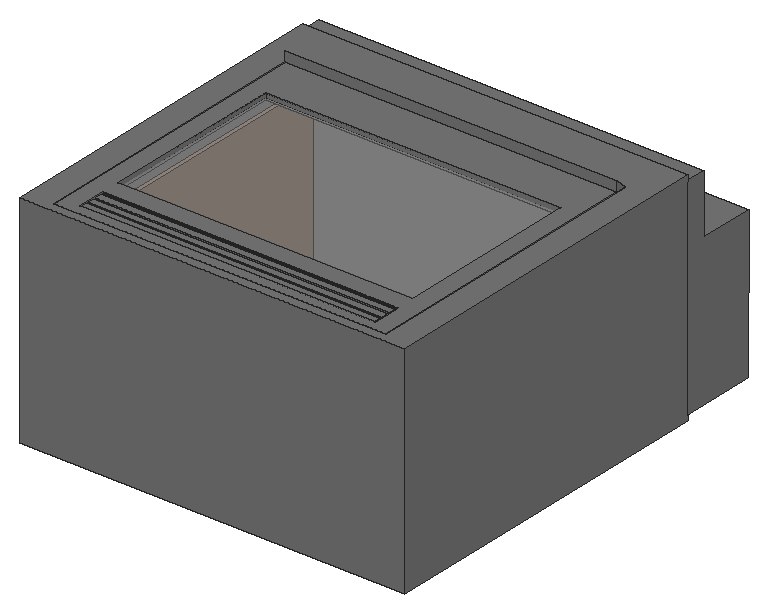
Revit family "Fireplace_Gas_HeatNGlo_Twilight", category Mechanical Equipment, host Face, Revit 2015
Parameters (values of type "36x22 Viewing Area LP Modern")
  gasrad [instance] = Gas Connection Diameter / 2  # 0' - 0 1/4"
  Water Penetration = "No Penetration at 8 and 25 psf"
  Warranty Duration (Years) = 0
  Unit Width = 3' - 6"
  Unit Weight = 0
  Unit Height = 3' - 2 5/8"
  Unit Depth = 2' - 0"
  URL = "http://www.heatnglo.com/"
  Test Data = ""
  Structural Test Pressure = "No Damage at 75 psf"
  Standards Conformance = "cULus"
  Specification = "http://www.arcat.com/sdspecs/htm04/10_31_07hng.htm"
  SpecWizard = ""
  Sound Transmission Class (STC) = 27
  Send Message = "http://www.arcat.com/users.pl?action=UserEmail&amp;company=Heat+and+Glo<sup><small></small></sup>&amp;coid=33011&amp;rep=144&amp;fax=&amp;mf=95"
  Screen [instance] = TwilightFace : Basic
  Sales Information = "http://www.heatnglo.com/Contact-Us.aspx"
  Revision = "R2_2014-09"
  Recess Into Host [instance] = 2' - 0"
  Rear Wall Finish [instance] = Masonry - HeatNGlo - Brick as Specified
  R-Value = 0
  Product Properties = ""
  Product Data = "http://www.arcat.com/arcatcos/cos33/arc33011.html"
  Opening Width = 3' - 0 1/4"
  Opening Height = 1' - 9 1/2"
  Mounting Height [instance] = 1' - 10.76867"
  Model = "TwilightLP-II-MOD"
  Media Material [instance] = Surface - HeatNGlo - Media as Specified
  Manufacturer Website = "http://www.heatnglo.com/"
  Manufacturer Phone - Toll Free = "800-669-HEAT (4328)"
  Manufacturer Phone = ""
  Manufacturer Fax = ""
  Manufacturer Address = "7571 215th St. W.  Lakeville, MN 55044"
  Manufacturer = "Heat & Glo"
  Maintenance Schedule (Months) = 0
  Keynote = "10305"
  Installation-Fabrication = ""
  Installation Phase = ""
  Heating Capacity = "as Specified"
  HVAC_BTU Output = 0.0 Btu/h
  HVAC_BTU Input = 36000.0 Btu/h
  Green Building-LEED = ""
  Glazing Tint [instance] = Glazing - HeatNGlo - Clear
  Gas Connection Diameter [instance] = 1/2"
  Fuel Type = "LP"
  Fuel Consumption = "as Specified"
  Fixture Finish = Metal - HeatNGlo - Metallic Black
  Expected Lifespan (Years) = 0
  Electrical_Voltage = 120 V
  Efficiency Ratings = "as Specified"
  Drawn By = "Sumex Design, Inc. / Robert S. Weygant, CSI, CDT, SCIP"
  Door Finish [instance] = Metal - HeatNGlo - Metallic Black
  Description = "Heat & Glo Gas Burning Fireplace - Twilight Modern See-Thru as Specified"
  Default Elevation = 0' - 0"
  Copyright = "©Arcat Inc."
  Construction Details = "http://www.arcat.com/details/heatnglo/heatnglo.html?coid=33011"
  Building Codes = ""
  Assembly Code = "D3020"
  Air Infiltration = "0.07 cfm/ft^2"
Types (4): name | Model | HVAC_BTU Input | Fuel Type | Description
  36x22 Viewing Area LP Modern | "TwilightLP-II-MOD" | 36000.0 Btu/h | "LP" | "Heat & Glo Gas Burning Fireplace - Twilight Modern See-Thru as Specified"
  36x22 Viewing Area NG Modern | "Twilight-II-MOD" | 38000.0 Btu/h | "NG" | "Heat & Glo Gas Burning Fireplace - Twilight Modern See-Thru as Specified"
  36x22 Viewing Area LP | "TwilightLP-II" | 36000.0 Btu/h | "LP" | "Heat & Glo Gas Burning Fireplace - Twilight II See-Thru as Specified"
  36x22 Viewing Area NG | "Twilight-II" | 38000.0 Btu/h | "NG" | "Heat & Glo Gas Burning Fireplace - Twilight II See-Thru as Specified"
Reference planes (in)
  plane 1 "Opening CL": y = 0
  plane 2: z = 0
  plane 3 "Center (Left/Right)": x = 0
  plane 4: z = -24
  plane 5 "Front": z = 0
  plane 6 "FF": y = -41.20617
  plane 7: y = -18.4375
  plane 8: y = -17.4375
  plane 9: x = -21
  plane 10: x = 21
  plane 11: y = 20.1875
Forms (in)
  Extrusion 1, void
    sketch origin (0, 0, 0) x (1, 0, 0) y (0, 1, 0)
      loop
        line (21, 20.1875) -> (-21, 20.1875) -> (-21, -18.4375) -> (21, -18.4375) -> (21, 20.1875)
    from -24 to 5.63952
  Extrusion 2, solid
    sketch origin (-21, -180, 14.07791) x (0, 0, 1) y (0, -1, 0)
      loop
        circle (-18.57791, -163.0625) r 0.25
    from 0 to 1.43085
  Extrusion 3, solid, material "Metal - HeatNGlo - Metallic Black" <- "Fixture Finish"
    sketch origin (0, 0, 0) x (1, 0, 0) y (0, 1, 0)
      loop
        line (18.125, -17.4375) -> (18.125, 15.1875) -> (-18.125, 15.1875) -> (-18.125, -17.4375) -> (18.125, -17.4375)
      loop
        line (-21, -18.4375) -> (21, -18.4375) -> (21, 20.1875) -> (-21, 20.1875) -> (-21, -18.4375)
    from -24 to 0
  Extrusion 4, solid, material "Metal - HeatNGlo - Metallic Black" <- "Fixture Finish"
    sketch origin (-21.8749, -17.4375, 48) x (-1, 0, 0) y (0, 0, 1)
      loop
        line (-39.8749, -49.25) -> (-39.8749, -70.75) -> (-3.8749, -70.75) -> (-3.8749, -49.25) -> (-39.8749, -49.25)
    from 0 to 5
  Extrusion 5, solid, material "Masonry - HeatNGlo - Brick as Specified" <- "Rear Wall Finish"
    sketch origin (-21.8749, -17.4375, 48) x (-1, 0, 0) y (0, 0, 1)
      loop
        line (-5.3749, -50) -> (-5.8749, -50) -> (-5.8749, -70) -> (-5.3749, -70) -> (-5.3749, -71.25) -> (-3.8749, -71.25) -> (-3.8749, -48.75) -> (-5.3749, -48.75) -> (-5.3749, -50)
      loop
        line (-38.3749, -50) -> (-38.3749, -48.75) -> (-39.8749, -48.75) -> (-39.8749, -71.25) -> (-38.3749, -71.25) -> (-38.3749, -70) -> (-37.8749, -70) -> (-37.8749, -50) -> (-38.3749, -50)
    from 5 to 37.625
  Extrusion 6, solid, material "Metal - HeatNGlo - Metallic Black" <- "Fixture Finish"
    sketch origin (0, -16.31553, -24) x (0, -1, 0) y (1, 0, 0)
      loop
        line (-31.50303, -18.125) -> (-28.39071, -18.125) -> (-28.39071, 18) -> (-31.50303, 18) -> (-31.50303, -18.125)
    from 0.15315 to 1.82132
  Extrusion 7, solid, material "Metal - HeatNGlo - Metallic Black" <- "Fixture Finish"
    sketch origin (0, -16.31553, -24) x (0, -1, 0) y (1, 0, 0)
      loop
        line (-28.39071, -18.125) -> (-4.25303, -18.125) -> (-4.25303, 18) -> (-28.39071, 18) -> (-28.39071, -18.125)
      loop
        line (-27.59019, -16.8015) -> (-4.96519, -16.8015) -> (-4.96519, 16.761) -> (-27.59019, 16.761) -> (-27.59019, -16.8015)
    from 0.52556 to 1.3826
  Extrusion 8, solid, material "Metal - HeatNGlo - Metallic Black" <- "Fixture Finish"
    sketch origin (0, -16.31553, -24) x (0, -1, 0) y (1, 0, 0)
      loop
        line (1.12197, -18.125) -> (1.12197, 18) -> (-4.59019, 18) -> (-4.59019, -18.125) -> (1.12197, -18.125)
    from 0.11222 to 1.82132
  Extrusion 9, solid, material "Glazing - HeatNGlo - Clear" <- "Glazing Tint"
    sketch origin (0, -16.31553, -24) x (0, -1, 0) y (1, 0, 0)
      loop
        line (-27.59019, -16.8015) -> (-4.96519, -16.8015) -> (-4.96519, 16.761) -> (-27.59019, 16.761) -> (-27.59019, -16.8015)
    from 0.91449 to 1.15156
  Extrusion 10, solid, material "Metal - HeatNGlo - Metallic Black" <- "Fixture Finish"
    sketch origin (0, 0, 0) x (0, 1, 0) y (0, 0, 1)
      loop
        line (15.1875, -23.84685) -> (14.98271, -23.84685) -> (14.98271, -24.64339) -> (14.57314, -24.93018) -> (14.57314, -25.18018) -> (15.1875, -24.75) -> (15.1875, -23.84685)
    from -18.125 to 18.125
  Extrusion 11, solid, material "Metal - HeatNGlo - Metallic Black" <- "Fixture Finish"
    sketch origin (0, 0, 0) x (0, 1, 0) y (0, 0, 1)
      loop
        line (20.1875, -23.5) -> (28.4375, -23.5) -> (28.4375, -7) -> (22.3125, -7) -> (22.3125, -0.5) -> (20.1875, -0.5) -> (20.1875, -23.5)
    from -21 to 21
Dimensions and locks (in)
  "Recess Into Host": level to plane 4
  "Unit Depth": plane 5 "Front" to plane 4
  "Mounting Height": plane 7 to plane 6 "FF"
  locked: plane 7 to plane 8 at 1
  equal spacing: plane 9, plane 3 "Center (Left/Right)", plane 10
  "Unit Width": plane 9 to plane 10
  "Unit Height": plane 7 to plane 11
  locked: plane 5 "Front" to Extrusion 2 sketch curve at 4.5
  locked: plane 7 to Extrusion 2 sketch curve at 1.5
  locked: Extrusion 3 sketch curve to plane 10 at 2.875
  locked: plane 9 to Extrusion 3 sketch curve at 2.875
  Extrusion 5 sketch curve to Extrusion 5 sketch curve to Extrusion 5 sketch curve to plane 9 = 0' - 0 1/2" locked, 0' - 1 1/2" locked, 0' - 3" locked
  plane 10 to Extrusion 5 sketch curve to Extrusion 5 sketch curve to Extrusion 5 sketch curve = 0' - 3" locked, 0' - 1 1/2" locked, 0' - 0 1/2" locked
  plane 5 "Front" to Extrusion 5 sketch curve to Extrusion 5 sketch curve = 0' - 0 3/4" locked, 0' - 1 1/4" locked  (x2)
  Extrusion 5 sketch curve to Extrusion 5 sketch curve to plane 4 = 0' - 1 1/4" locked, 0' - 0 3/4" locked  (x2)
  locked: Extrusion 4 sketch curve to plane 9 at 3
  locked: plane 10 to Extrusion 4 sketch curve at 3
  locked: Extrusion 3 sketch curve to plane 11 at 5
  locked: plane 5 "Front" to Extrusion 4 sketch curve at 1.25
  locked: Extrusion 4 sketch curve to plane 4 at 1.25
  Extrusion 10 sketch curve to plane 4 to Extrusion 10 sketch curve to Extrusion 10 sketch curve to Extrusion 10 sketch curve to Extrusion 10 sketch curve = 0' - 0.15315" locked, 0' - 0.64339" locked, 0' - 0.10661" locked, 0' - 0.18018" locked, 0' - 0 1/4" locked
  plane 11 to Extrusion 11 sketch curve to Extrusion 11 sketch curve = 0' - 2 1/8" locked, 0' - 6 1/8" locked
  "gasrad": radius of Extrusion 2 sketch curve
  aligned and locked: plane 2 to host face
  aligned and locked: level to host face
  aligned: Extrusion 1 to plane 5 "Front"
  aligned and locked: Extrusion 1 to plane 4
  aligned and locked: Extrusion 1 sketch curve to plane 7
  aligned and locked: plane 10 to Extrusion 1 sketch curve
  aligned and locked: Extrusion 1 sketch curve to plane 9
  aligned and locked: Extrusion 1 sketch curve to plane 11
  aligned and locked: Extrusion 3 to plane 4
  aligned and locked: Extrusion 3 to plane 5 "Front"
  aligned and locked: nested 1 to plane 7
  aligned and locked: Extrusion 3 sketch curve to plane 10
  aligned: plane 3 "Center (Left/Right)" to nested 1
  aligned and locked: plane 3 "Center (Left/Right)" to nested 1
  aligned and locked: Extrusion 5 sketch curve to Extrusion 5 sketch curve  (x2)
  aligned and locked: Extrusion 3 sketch curve to plane 8
  aligned and locked: Extrusion 3 sketch curve to plane 7
  aligned and locked: Extrusion 5 to plane 11
  aligned and locked: Extrusion 11 sketch curve to plane 11
  aligned and locked: plane 10 to Extrusion 11
  aligned and locked: Extrusion 11 to plane 9
Automatic sketch dimensions
  host sketch curve to host sketch curve = 7' - 2.84928"
  host sketch curve to host sketch curve = 10' - 4 9/16"
  Extrusion 3 sketch curve to plane 9 = 0' - 0"
  plane 11 to Extrusion 3 sketch curve = 0' - 0"
  plane 11 to Extrusion 6 sketch curve = 0' - 5"
  Extrusion 6 sketch curve to Extrusion 6 sketch curve = 0' - 3.11232"
  plane 9 to Extrusion 6 sketch curve = 0' - 2 7/8"
  Extrusion 6 sketch curve to plane 10 = 0' - 3"
  Extrusion 7 sketch curve to plane 10 = 0' - 3"
  plane 11 to Extrusion 7 sketch curve = 0' - 8.11232"
  Extrusion 7 sketch curve to Extrusion 7 sketch curve = 0' - 0.80052"
  plane 8 to Extrusion 7 sketch curve = 0' - 6.08716"
  Extrusion 7 sketch curve to Extrusion 7 sketch curve = 0' - 0.71216"
  Extrusion 7 sketch curve to Extrusion 7 sketch curve = 0' - 1.239"
  plane 9 to Extrusion 7 sketch curve = 0' - 4.1985"
  Extrusion 7 sketch curve to Extrusion 7 sketch curve = 0' - 1.3235"
  Extrusion 8 sketch curve to plane 8 = 0' - 0"
  Extrusion 8 sketch curve to Extrusion 8 sketch curve = 0' - 5.71216"
  plane 9 to Extrusion 8 sketch curve = 0' - 2 7/8"
  Extrusion 8 sketch curve to plane 10 = 0' - 3"
  Extrusion 9 sketch curve to plane 10 = 0' - 4.239"
  plane 11 to Extrusion 9 sketch curve = 0' - 8.91284"
  plane 8 to Extrusion 9 sketch curve = 0' - 6.08716"
  plane 9 to Extrusion 9 sketch curve = 0' - 4.1985"
  plane 11 to Extrusion 10 sketch curve = 0' - 5.61436"
  Extrusion 10 sketch curve to Extrusion 10 sketch curve = 0' - 0.40958"
  Extrusion 10 sketch curve to Extrusion 10 sketch curve = 0' - 0.20479"
  plane 4 to Extrusion 11 sketch curve = 0' - 0 1/2"
  Extrusion 11 sketch curve to level = 0' - 0 1/2"
  Extrusion 11 sketch curve to level = 0' - 7"
Nested families (in)
  nested 1: "TwilightFace" at (0, -18.4375, 0) x (-1, 0, 0) z (0, 0, 1), frame finish <- "Door Finish", type <- "Screen", clear material <- "Glazing Tint", Width <- "Unit Width", type "Basic"
    with frame finish Metal - HeatNGlo - Metallic Black, clear material Glazing - HeatNGlo - Clear, built-in parameter 1001301 3' - 6", built-in parameter 1010003 2' - 0"
Connectors (in)
  piping at (-21, -16.9375, -4.5), diameter 0.5, driven by "gasrad"
    settings: on Extrusion 2, index 5, connector inside diameter 1/2", connector length 0' - 0", flow factor 0, pipe flow 0 GPM, pressure drop 0.00 psi, fitting loss kfactor 0, connector angle 0.00°, fixture units 0, engagement length 0' - 0", angle of deflection 0.00°, flow configuration 0, flow direction 1, fitting loss method 0, system type 29, joint type 0, gender type 0, connector reference index -1, connector utility 0, adjustable connector no, is connector primary yes, connector description "Gas Inlet"
  electrical at (18.125, -1.125, -12), driven by "Electrical_Voltage"
    settings: on Extrusion 3, index 6, voltage 120 V, apparent load 0 VA, apparent load phase1 0 VA, apparent load phase2 0 VA, apparent load phase3 0 VA, power factor 1, load classification "Other", number of poles 1, system type 31, power factor state 1, is connector primary yes, connector utility no, sub classification motor no, connector description ""
Definition of nested family "TwilightFace"
  Parameters
    frame finish [instance] = none
    clear material [instance] = none
    Width [instance] = 0' - 10.40827"
    Depth [instance] = 2' - 0"
    Default Elevation = 4' - 0"
    Contemporary = no
    Basic = yes
    Assembly Code = ""
  Reference planes (in)
    plane 1 "Center (Front/Back)": y = 0
    plane 2: z = 0
    plane 3 "Center (Left/Right)": x = 0
    plane 4: x = -18.125
    plane 5: x = 18.125
    plane 6: y = 33.625
  Forms (in)
    Extrusion 1, solid, material <- "frame finish", visible <- "Contemporary"
      sketch origin (0, 0, 0) x (1, 0, 0) y (0, 1, 0)
        loop
          line (-20.82614, -2.50554) -> (20.82614, -2.50554) -> (20.82614, 3.49446) -> (-20.82614, 3.49446) -> (-20.82614, -2.50554)
        loop
          line (20.82614, 36.13054) -> (-20.82614, 36.13054) -> (-20.82614, 30.71615) -> (20.82614, 30.71615) -> (20.82614, 36.13054)
      from 0 to 1.5
    Extrusion 2, solid, material <- "frame finish", visible <- "Contemporary"
      sketch origin (0, 0, 0) x (1, 0, 0) y (0, 1, 0)
        loop
          line (18.05391, 33.55905) -> (-18.05391, 33.55905) -> (-18.05391, 28.96615) -> (18.05391, 28.96615) -> (18.05391, 33.55905)
        loop
          line (-18.05391, 0.06595) -> (18.05391, 0.06595) -> (18.05391, 5.71615) -> (-18.05391, 5.71615) -> (-18.05391, 0.06595)
      from 0 to 2.875
    Extrusion 3, solid, material <- "frame finish", visible <- "Contemporary"
      sketch origin (0, 0, 0) x (1, 0, 0) y (0, 1, 0)
        loop
          line (-18.05391, 28.96615) -> (-18.05391, 5.71615) -> (-14.82614, 5.71615) -> (-14.82614, 28.96615) -> (-18.05391, 28.96615)
        loop
          line (14.82614, 28.96615) -> (14.82614, 5.71615) -> (18.05391, 5.71615) -> (18.05391, 28.96615) -> (14.82614, 28.96615)
      from 0 to 2.5
    Extrusion 4, solid, material <- "frame finish", visible <- "Contemporary"
      sketch origin (0, 0, 0) x (1, 0, 0) y (0, 1, 0)
        loop
          line (-20.82614, 30.71615) -> (-20.82614, 3.49446) -> (-14.82614, 3.49446) -> (-14.82614, 30.71615) -> (-20.82614, 30.71615)
        loop
          line (20.82614, 30.71615) -> (14.82614, 30.71615) -> (14.82614, 3.49446) -> (20.82614, 3.49446) -> (20.82614, 30.71615)
      from 0 to 1.125
    Extrusion 5, solid, material <- "clear material", visible <- "Contemporary"
      sketch origin (0, 0, 0) x (1, 0, 0) y (0, 1, 0)
        loop
          line (-14.82614, 28.96615) -> (-14.82614, 5.71615) -> (14.82614, 5.71615) -> (14.82614, 28.96615) -> (-14.82614, 28.96615)
      from 0 to 0.30027
    Extrusion 6, solid, material <- "frame finish", visible <- "Basic"
      sketch origin (0, 0, 0) x (1, 0, 0) y (0, 1, 0)
        loop
          line (-18.125, 1) -> (18.125, 1) -> (18.125, 33.625) -> (-18.125, 33.625) -> (-18.125, 1)
        loop
          line (-16.125, 27.34982) -> (-16.125, 7.16179) -> (16.125, 7.16179) -> (16.125, 27.34982) -> (-16.125, 27.34982)
        loop
          line (-16.125, 5.16179) -> (-16.125, 2.03679) -> (16.125, 2.03679) -> (16.125, 5.16179) -> (-16.125, 5.16179)
      from 0 to -0.75
    Extrusion 7, solid, material <- "frame finish", visible <- "Basic"
      sketch origin (0, 0, 0) x (0, 1, 0) y (0, 0, 1)
        loop
          line (33.625, 0) -> (32.56434, 1.06066) -> (32.56434, 0) -> (33.625, 0)
      from -18.125 to 18.125
    Extrusion 8, solid, material <- "frame finish", visible <- "Basic"
      sketch origin (0, 0, 0) x (0, 1, 0) y (0, 0, 1)
        loop
          line (2.03679, -0.03335) -> (2.03679, -0.75) -> (5.16179, -0.75) -> (5.16179, -0.03335) -> (5.03679, -0.03335) -> (5.03679, -0.17031) -> (4.78679, -0.17031) -> (4.78679, -0.03335) -> (4.03679, -0.03335) -> (4.03679, -0.17031) -> (3.78679, -0.17031) -> (3.78679, -0.03335) -> (3.03679, -0.03335) -> (3.03679, -0.17031) -> (2.78679, -0.17031) -> (2.78679, -0.03335) -> (2.03679, -0.03335)
      from -16.125 to 16.125
    Extrusion 9, solid, material <- "clear material", visible <- "Basic"
      sketch origin (0, 0, 0) x (1, 0, 0) y (0, 1, 0)
        loop
          line (-16.125, 27.34982) -> (-16.125, 7.16179) -> (16.125, 7.16179) -> (16.125, 27.34982) -> (-16.125, 27.34982)
      from -0.49187 to -0.75
  Dimensions and locks (in)
    plane 1 "Center (Front/Back)" to plane 6 = 2' - 9 5/8"
    equal spacing: plane 4, plane 3 "Center (Left/Right)", plane 5
    plane 4 to plane 5 = 3' - 0 1/4"
    aligned and locked: plane 2 to level
  Automatic sketch dimensions
    plane 4 to Extrusion 2 sketch curve = 0' - 0.07109"  (x2)
    Extrusion 2 sketch curve to plane 5 = 0' - 0.07109"  (x2)
    Extrusion 2 sketch curve to plane 1 "Center (Front/Back)" = 0' - 0.06595"
    Extrusion 2 sketch curve to Extrusion 2 sketch curve = 0' - 5.65021"
    Extrusion 2 sketch curve to plane 6 = 0' - 4.65885"
    Extrusion 2 sketch curve to plane 6 = 0' - 0.06595"
    Extrusion 1 sketch curve to plane 4 = 0' - 2.70114"  (x2)
    plane 5 to Extrusion 1 sketch curve = 0' - 2.70114"  (x2)
    plane 1 "Center (Front/Back)" to Extrusion 1 sketch curve = 0' - 2.50554"
    Extrusion 1 sketch curve to plane 1 "Center (Front/Back)" = 0' - 3.49446"
    Extrusion 1 sketch curve to plane 6 = 0' - 2.90885"
    plane 6 to Extrusion 1 sketch curve = 0' - 2.50554"
    plane 4 to Extrusion 3 sketch curve = 0' - 0.07109"
    Extrusion 3 sketch curve to Extrusion 3 sketch curve = 0' - 3.22776"
    Extrusion 3 sketch curve to plane 5 = 0' - 3.29886"
    Extrusion 3 sketch curve to plane 5 = 0' - 0.07109"
    Extrusion 3 sketch curve to plane 1 "Center (Front/Back)" = 0' - 5.71615"  (x2)
    Extrusion 3 sketch curve to plane 6 = 0' - 4.65885"  (x2)
    Extrusion 4 sketch curve to plane 4 = 0' - 2.70114"
    plane 4 to Extrusion 4 sketch curve = 0' - 3.29886"
    Extrusion 4 sketch curve to plane 5 = 0' - 3.29886"
    plane 5 to Extrusion 4 sketch curve = 0' - 2.70114"
    Extrusion 4 sketch curve to plane 1 "Center (Front/Back)" = 0' - 3.49446"  (x2)
    Extrusion 4 sketch curve to plane 6 = 0' - 2.90885"  (x2)
    plane 4 to Extrusion 5 sketch curve = 0' - 3.29886"
    Extrusion 5 sketch curve to plane 5 = 0' - 3.29886"
    Extrusion 5 sketch curve to plane 1 "Center (Front/Back)" = 0' - 5.71615"
    Extrusion 5 sketch curve to plane 6 = 0' - 4.65885"
    Extrusion 7 sketch curve to level = 0' - 0"
    Extrusion 7 sketch curve to plane 6 = 0' - 0"
    Extrusion 7 sketch curve to Extrusion 7 sketch curve = 0' - 1.06066"  (x2)
    Extrusion 8 sketch curve to level = 0' - 0.03335"  (x4)
    Extrusion 8 sketch curve to plane 1 "Center (Front/Back)" = 0' - 2.03679"
    Extrusion 8 sketch curve to level = 0' - 0.17031"  (x3)
    Extrusion 8 sketch curve to Extrusion 8 sketch curve = 0' - 0 3/4"  (x3)
    Extrusion 8 sketch curve to Extrusion 8 sketch curve = 0' - 0 1/4"  (x3)
    Extrusion 8 sketch curve to Extrusion 8 sketch curve = 0' - 0 1/8"
    Extrusion 8 sketch curve to Extrusion 8 sketch curve = 0' - 0.71665"
    Extrusion 6 sketch curve to plane 4 = 0' - 0"
    Extrusion 6 sketch curve to plane 5 = 0' - 0"
    Extrusion 6 sketch curve to plane 6 = 0' - 0"
    plane 4 to Extrusion 6 sketch curve = 0' - 2"
    Extrusion 6 sketch curve to Extrusion 6 sketch curve = 0' - 0"
    Extrusion 6 sketch curve to plane 5 = 0' - 2"  (x2)
    Extrusion 6 sketch curve to plane 6 = 0' - 6.27518"
    Extrusion 6 sketch curve to plane 1 "Center (Front/Back)" = 0' - 7.16179"
    Extrusion 6 sketch curve to Extrusion 6 sketch curve = 0' - 2"
    Extrusion 6 sketch curve to plane 1 "Center (Front/Back)" = 0' - 2.03679"
    Extrusion 6 sketch curve to plane 1 "Center (Front/Back)" = 0' - 1"
    plane 4 to Extrusion 9 sketch curve = 0' - 2"
    Extrusion 9 sketch curve to plane 5 = 0' - 2"
    Extrusion 9 sketch curve to plane 1 "Center (Front/Back)" = 0' - 7.16179"
    Extrusion 9 sketch curve to plane 6 = 0' - 6.27518"
